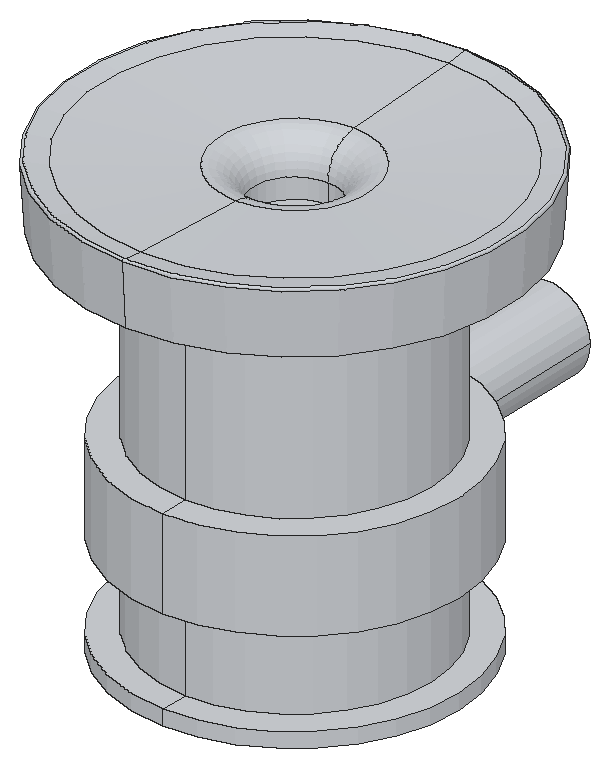
Revit family "Faucet-Bath_Filler-KOHLER-Laminar-K-922", category Plumbing Fixtures, host Face, Revit 2015
Parameters (values of type "CP-Polished Chrome")
  Width = 4 1/4"  # constant formula
  Waste Water Outlet = "Waste Water Outlet"  # constant formula
  Waste Connection = 1 = 0  # no
  Vent Connection = 1 = 0  # no
  URL = "https://www.us.kohler.com/us/"
  Type = 1
  Spout Reach = 0"
  Product Page URL = "http://www.us.kohler.com/us/catalog/productDetails.jsp?productNumber=922"
  Product Name = "Laminar"  # constant formula
  Product Documentation Link = "http://www.us.kohler.com/onlinecatalog/pdf/K-922_spec.pdf"
  Pressure = 0.00 psi
  Model = if(Type = 1, "K-922-CP", if(Type = 2, "K-922-AF", if(Type = 3, "K-922-BN", "NA")))  # "K-922-CP"
  Material = "Solid Brass Construction"  # constant formula
  MasterFormat 2004 = "22.41.39"  # constant formula
  MasterFormat 1995 = "15410"  # constant formula
  Manufacturer Address = "444 Highland Dr, Kohler, WI 53044"  # constant formula
  Manufacturer = "KOHLER Co."  # constant formula
  Length = 5/8"  # constant formula
  Hot Water Inlet = "Tempered Water Inlet"  # constant formula
  Height = 4 1/4"  # constant formula
  Handle Clearance = 0"
  HW Connection = 1 = 1  # yes
  Flow Rate = 0 GPM
  Finish = Kohler-Metal-CP-Polished_Chrome
  Faucet Hole Spacing = 0"
  Environmental Product Declaration = ""
  Drain Included = 1 = 0  # no
  Description = "Laminar wall- or ceiling-mount bath filler with 0.8 inch orifice"  # constant formula
  Default Elevation = 36"
  Declare Label = ""
  Date Modified = "12/18/2018"  # constant formula
  Date Created = "12/18/2018"  # constant formula
  Copyright = "Copyright KOHLER Co."  # constant formula
  Contact Us = "https://www.us.kohler.com/us/static/contact.jsp"
  Cold Water Inlet = "Cold Water Inlet"  # constant formula
  CW Connection = 1 = 0  # no
  Assembly Code = "D2010"
  ADA Compliant = 1 = 0  # no
Types (4): name | Type | Model | Finish
  (no name) | 1 | "K-922-CP" | Kohler-Metal-CP-Polished_Chrome
  CP-Polished Chrome | 1 | "K-922-CP" | Kohler-Metal-CP-Polished_Chrome
  AF-Vibrant French Gold | 2 | "K-922-AF" | Kohler-Metal-AF-Vibrant_French_Gold
  BN-Vibrant Brushed Nickel | 3 | "K-922-BN" | Kohler-Metal-BN-Vibrant_Brushed_Nickel
Reference planes (in)
  plane 1 "Center (Front/Back)": y = 0
  plane 2: z = 0
  plane 3 "Center (Left/Right)": x = 0
  plane 4: x = 2.125
  plane 5: y = 2.125
  plane 6: x = -2.125
  plane 7: y = -2.125
  plane 8: z = 0.625
Forms (in)
  Extrusion 1, void
    sketch origin (0, 0, 0) x (1, 0, 0) y (0, 1, 0)
      loop
        circle (0, 0) r 3.25
    from -3.72147 to -1.84147
  Extrusion 2, void
    sketch origin (0, 0, 0) x (1, 0, 0) y (0, 1, 0)
      loop
        circle (0, 0) r 1.625
    from -1.84147 to 12
Dimensions and locks (in)
  "Length": plane 8 to level
  "Width": plane 6 to plane 4
  "Height": plane 5 to plane 7
  aligned and locked: host face to plane 2
  aligned and locked: host face to level
Automatic sketch dimensions
  host sketch curve to host sketch curve = 96"  (x2)
  plane 1 "Center (Front/Back)" to Extrusion 1 sketch curve = 0"
  Extrusion 1 sketch curve to plane 3 "Center (Left/Right)" = 0"
  plane 1 "Center (Front/Back)" to Extrusion 2 sketch curve = 0"
  Extrusion 2 sketch curve to plane 3 "Center (Left/Right)" = 0"
  radius of Extrusion 1 sketch curve = 3 1/4"
  radius of Extrusion 2 sketch curve = 1 5/8"
Nested families (in)
  nested 1: "K-922" at (0, 0, 0), type "K-922"
Connectors (in)
  piping at (0, 3.125, -2.28397), diameter 0.625, driven by "HW Connection", driven by "Hot Water Inlet"
    settings: on nested 1, index 1, connector inside diameter 24", connector length 0", flow factor 0, pipe flow 0 GPM, pressure drop 0.00 psi, fitting loss kfactor 0, connector angle 0.00°, fixture units 0, engagement length 0", angle of deflection 0.00°, flow configuration 0, flow direction 1, fitting loss method 0, system type 19, joint type 0, gender type 0, connector reference index -1, connector utility 1, adjustable connector no, is connector primary yes, connector description "Tempered Water Inlet"
Definition of nested family "K-922"
  Parameters (values of type "K-922")
    Material = none
  Reference planes (in)
    plane 1 "Center (Front/Back)": y = 0
    plane 2: z = 0
    plane 3 "Center (Left/Right)": x = 0
    plane 4: z = 0.625
    plane 5: y = 2.125
    plane 6: y = -2.125
    plane 7: x = 2.125
    plane 8: x = -2.125
    plane 9: z = -3.72147
    plane 10: z = -2.28397
    plane 11: y = -1.625
    plane 12: y = 1.625
    plane 13: y = 3.125
    plane 14: y = 0.40625
  Forms (in)
    Revolve 1, solid, material <- "Material", detail levels medium+fine
      sketch origin (0, 0, 0) x (0, 1, 0) y (0, 0, 1)
        loop
          line (0.40625, 0) -> (0, 0) -> (0, -3.72147) -> (1.625, -3.72147) -> (1.625, -3.57147) -> (1.34958, -3.57147) -> (1.34958, -2.72647) -> (1.625, -2.72647) -> (1.625, -1.84147) -> (1.34958, -1.84147) -> (1.34958, -0.22147) -> (1.625, -0.22147) -> (1.625, 0) -> (2.08545, 0) -> (2.1242, 0.60236)
          arc (2.1242, 0.60236) -> (2.11668, 0.61999) -> (2.09802, 0.6244) r 0.02126
          arc (2.09802, 0.6244) -> (2.00135, 0.60581) -> (1.90339, 0.59616) r 1.07384
          line (1.90339, 0.59616) -> (0.72702, 0.53451)
          arc (0.72702, 0.53451) -> (0.49921, 0.42949) -> (0.40625, 0.19648) r 0.33849
          line (0.40625, 0.19648) -> (0.40625, 0)
        axis (0, 0.6244) -> (0, -3.72147)
      angle from 0 to 360
    Extrusion 2, solid, material <- "Material", detail levels medium+fine
      sketch origin (0, 0, 0) x (1, 0, 0) y (0, 0, 1)
        loop
          circle (0, -2.28397) r 0.41235
      from -3.125 to -0.84906
    Revolve 3, solid, material <- "Material", detail levels coarse
      sketch origin (0, 0, 0) x (0, 1, 0) y (0, 0, 1)
        loop
          line (0, 0.625) -> (0, -3.72147) -> (1.625, -3.72147) -> (1.625, -3.57147) -> (1.34958, -3.57147) -> (1.34958, 0) -> (2.12638, 0) -> (2.12638, 0.625) -> (0, 0.625)
        axis (0, 0.625) -> (0, -3.72147)
      angle from 0 to 360
    Extrusion 4, solid, material <- "Material", detail levels coarse
      sketch origin (0, 0, 0) x (1, 0, 0) y (0, 0, 1)
        loop
          circle (0, -2.28397) r 0.4109
      from -3.125 to -0.97732
  Cuts and joins
    joined: Revolve 1, Extrusion 2
    joined: Revolve 3, Extrusion 4
  Lines and regions (in)
    Masking region 1
      outline origin (0, 0, 0) x (1, 0, 0) y (0, 1, 0)
        loop
          arc (-2.125, 0) -> (-1.5026, -1.5026) -> (0, -2.125) r 2.125
          arc (0, -2.125) -> (1.5026, -1.5026) -> (2.125, 0) r 2.125
          arc (2.125, 0) -> (1.5026, 1.5026) -> (0, 2.125) r 2.125
          arc (0, 2.125) -> (-1.5026, 1.5026) -> (-2.125, 0) r 2.125
    Masking region 2
      outline origin (0, 0, 0) x (0, 1, 0) y (0, 0, 1)
        loop
          line (1.625, 0) -> (2.08618, 0) -> (2.125, 0.60349)
          arc (2.125, 0.60349) -> (2.11902, 0.61867) -> (2.10398, 0.625) r 0.02103
          line (2.10398, 0.625) -> (-2.10398, 0.625)
          arc (-2.10398, 0.625) -> (-2.11902, 0.61867) -> (-2.125, 0.60349) r 0.02103
          line (-2.125, 0.60349) -> (-2.08618, 0) -> (-1.625, 0) -> (-1.625, -0.22147) -> (-1.34958, -0.22147) -> (-1.34958, -1.84147) -> (-1.625, -1.84147) -> (-1.625, -2.72647) -> (-1.34958, -2.72647) -> (-1.34958, -3.57147) -> (-1.625, -3.57147) -> (-1.625, -3.72147) -> (1.625, -3.72147) -> (1.625, -3.57147) -> (1.34958, -3.57147) -> (1.34958, -2.72647) -> (1.625, -2.72647) -> (1.63588, -2.69658) -> (3.125, -2.69658) -> (3.125, -1.87135) -> (1.63588, -1.87135) -> (1.625, -1.84147) -> (1.34958, -1.84147) -> (1.34958, -0.22147) -> (1.625, -0.22147) -> (1.625, 0)
    Masking region 3
      outline origin (0, 0, 0) x (1, 0, 0) y (0, 0, 1)
        loop
          line (-1.625, 0) -> (-1.625, -0.22147) -> (-1.34958, -0.22147) -> (-1.34958, -1.84147) -> (-1.62883, -1.84147) -> (-1.62883, -2.72647) -> (-1.34958, -2.72647) -> (-1.34958, -3.57147) -> (-1.625, -3.57147) -> (-1.625, -3.72147) -> (1.625, -3.72147) -> (1.625, -3.57147) -> (1.34958, -3.57147) -> (1.34958, -2.72647) -> (1.625, -2.72647) -> (1.625, -1.84147) -> (1.34958, -1.84147) -> (1.34958, -0.22147) -> (1.625, -0.22147) -> (1.625, 0) -> (2.08618, 0) -> (2.125, 0.60349)
          arc (2.125, 0.60349) -> (2.11902, 0.61867) -> (2.10398, 0.625) r 0.02103
          line (2.10398, 0.625) -> (-2.10398, 0.625)
          arc (-2.10398, 0.625) -> (-2.11902, 0.61867) -> (-2.125, 0.60349) r 0.02103
          line (-2.125, 0.60349) -> (-2.08618, 0) -> (-1.625, 0)
    symbolic lines, detail levels medium+fine
      curve 1: circle (0, 0, 0) r 2.08618 normal (0, 0, 1)
      curve 2: circle (0, 0, 0) r 0.40625 normal (0, 0, 1)
      curve 3: circle (0, 0, 0) r 0.46758 normal (0, 0, 1)
      curve 4: line (0, 1.625, 0) -> (0, -1.625, 0)
      curve 5: line (0, 1.34958, -0.22147) -> (0, -1.34958, -0.22147)
      curve 6: line (0, 1.375, -3.57147) -> (0, -1.375, -3.57147)
      curve 7: line (0, 1.34958, -1.84147) -> (0, -1.34958, -1.84147)
      curve 8: line (0, 1.34958, -2.72647) -> (0, -1.34958, -2.72647)
      curve 9: arc (0, 1.63588, -1.87135) -> (0, 1.50211, -2.28397) -> (0, 1.63588, -2.69658) r 0.70324
      curve 10: line (-1.625, 0, 0) -> (1.625, 0, 0)
      curve 11: line (-1.34958, 0, -0.22147) -> (1.34958, 0, -0.22147)
      curve 12: line (-1.34958, 0, -1.84147) -> (1.34958, 0, -1.84147)
      curve 13: line (-1.34958, 0, -2.72647) -> (1.34958, 0, -2.72647)
      curve 14: line (-1.34958, 0, -3.57147) -> (1.34958, 0, -3.57147)
      curve 15: circle (0, 0, -2.28397) r 0.4109 normal (0, -1, 0)
  Dimensions and locks (in)
    aligned and locked: level to plane 2
